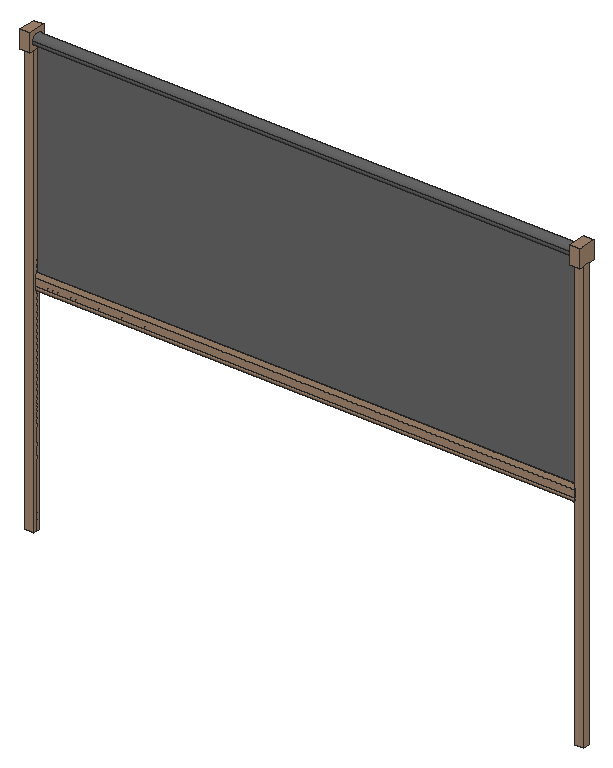
Revit family "Screen_LargeOpening_ExecutiveSeries-Recessed_PhantomScreens", category Doors, host Wall, Revit 2014
Parameters (values of type "Type as Specified")
  Visual Light Transmittance = 0
  URL = "http://www.phantomscreens.com/"
  Type Comments = ""
  Track = Dark Acacia
  Thermal Resistance (R) = 0.0000 (h·ft²·°F)/BTU
  Specification = "http://www.phantomscreens.com/architects-designers/specifications-binder/"
  Solar Heat Gain Coefficient = 0
  Slide Bar Height = 0' - 3 11/16"
  Slide Bar = Dark Acacia
  Sizing Notes [instance] = if(or((Width > 25' 0"), (Height > 16' 0")), "Exceeds Maximum Size", "Standard Size")  # "Standard Size"
  Screen = Phifer TuffScreen No-See-Um – Charcoal
  Sales Information = "http://www.phantomscreens.com/support/"
  RollerRad [instance] = Roller Size / 2  # 0' - 1 1/4"
  Roller Size [instance] = if(or((Width > 20' 0"), (Height > 11' 0")), 0' 5", (if(or((Width > 10' 0"), (Height > 8' 0")), 0' 4", 0' 2 1/2")))  # 0' - 2 1/2"
  Revision = "R1_08-2016"
  Recessed Track Width = 0' - 2 7/64"
  Recessed Track = 0' - 1 3/8"
  Product Properties = "http://www.phantomscreens.com/drive/uploads/2015/05/technical_specs_exec.pdf"
  Product Data = "http://www.arcat.com/arcatcos/cos9540/arc40535.html"
  Percent Open [instance] = 50
  Model = "Executive  Series Recessed"
  Manufacturer Website = "http://www.phantomscreens.com/"
  Manufacturer Phone - Toll Free = ""
  Manufacturer Phone = "604-855-3654"
  Manufacturer Fax = "604-855-7834"
  Manufacturer Address = "30451 Simpson Rd.; Abbotsford; BC; Canada V2T 6C7"
  Manufacturer = "Phantom Screens"
  Keynote = "08 11 00"
  Installation-Fabrication = "http://www.phantomscreens.com/architects-designers/options/"
  Housing Size [instance] = if(or((Width > 20' 0"), (Height > 11' 0")), 0' 7 1/8", (if(or((Width > 10' 0"), (Height > 8' 0")), 0' 5 1/2", 0' 4")))  # 0' - 4"
  Heat Transfer Coefficient (U) = 0.1000 BTU/(h·ft²·°F)
  Function = Interior
  Frame Projection Ext. = 0' - 1"
  Frame Projection Int. = 0' - 1"
  Frame Width = 0' - 3"
  Height [instance] = 8' - 0"
  Wall Closure = By host
  Width [instance] = 10' - 0"
  Drawn By = "Sumex Design - Robert S Weygant"
  Description = "Phantom Screens Executive  Series Recessed Screen"
  Copyright = "� 2016 ARCAT Inc."
  Construction Details = "http://www.arcat.com/details/phantoms/95prod3444.html"
  Assembly Code = "B2020400"
  Analytic Construction = "<None>"
  Amount Open [instance] = Height * (Percent Open / 100)  # 4' - 0"
Reference planes (in)
  plane 1 "Center (Front/Back)": y = 0
  plane 2 "Center (Left/Right)": x = 0
  plane 3 "Left": x = -60
  plane 4 "Right": x = 60
  plane 5 "Top": z = 96
  plane 6 "Exterior": y = 4
  plane 7 "Interior": y = -4
  plane 8: x = -62.10938
  plane 9: x = 62.10937
  plane 10: y = 0.51562
  plane 11: y = -0.51562
  plane 12: z = 51.6875
  plane 13: z = 48
  plane 14: y = 0.6875
  plane 15: y = -0.6875
  plane 16: z = 100
  plane 17: y = 0.26562
  plane 18: y = -0.25
  plane 19: y = 2
  plane 20: y = -2
  plane 21: y = 0.04687
  plane 22: y = -0.04687
  plane 23: z = 98
Forms (in)
  Extrusion 1, void
    sketch origin (0, 0, 0) x (1, 0, 0) y (0, 1, 0)
      loop
        line (60, 0.6875) -> (60, -0.6875) -> (62.10937, -0.6875) -> (62.10937, 0.6875) -> (60, 0.6875)
    from 0 to 96
  Extrusion 2, void
    sketch origin (0, 0, 0) x (1, 0, 0) y (0, 1, 0)
      loop
        line (-62.10938, 0.6875) -> (-62.10938, -0.6875) -> (-60, -0.6875) -> (-60, 0.6875) -> (-62.10938, 0.6875)
    from 0 to 96
  Extrusion 3, void
    sketch origin (0, 0, 0) x (0, 1, 0) y (0, 0, 1)
      loop
        line (2, 100) -> (-2, 100) -> (-2, 96) -> (2, 96) -> (2, 100)
    from -62.10937 to 62.10937
  Extrusion 4, solid, material "Dark Acacia" <- "Track"
    sketch origin (0, 0, 0) x (1, 0, 0) y (0, 1, 0)
      loop
        line (-62.10938, 0.6875) -> (-62.10938, -0.6875) -> (-60, -0.6875) -> (-60, -0.04687) -> (-60.25, -0.04687) -> (-60.25, 0.04687) -> (-60, 0.04687) -> (-60, 0.6875) -> (-62.10938, 0.6875)
    from 0 to 96
  Extrusion 5, solid, material "Dark Acacia" <- "Track"
    sketch origin (0, 0, 0) x (1, 0, 0) y (0, 1, 0)
      loop
        line (60, 0.6875) -> (60, 0.04687) -> (60.25, 0.04687) -> (60.25, -0.04687) -> (60, -0.04687) -> (60, -0.6875) -> (62.10937, -0.6875) -> (62.10937, 0.6875) -> (60, 0.6875)
    from 0 to 96
  Extrusion 6, solid, material "Dark Acacia" <- "Track"
    sketch origin (0, 0, 0) x (1, 0, 0) y (0, 1, 0)
      loop
        line (-62.10938, 2) -> (-62.10938, -2) -> (-60, -2) -> (-60, 2) -> (-62.10938, 2)
    from 96 to 100
  Extrusion 7, solid, material "Dark Acacia" <- "Track"
    sketch origin (0, 0, 0) x (1, 0, 0) y (0, 1, 0)
      loop
        line (60, 2) -> (60, -2) -> (62.10937, -2) -> (62.10937, 2) -> (60, 2)
    from 96 to 100
  Extrusion 8, solid, material "Phifer TuffScreen No-See-Um – Charcoal" <- "Screen"
    sketch origin (0, 0, 0) x (0, 1, 0) y (0, 0, 1)
      loop
        circle (0, 98) r 1.25
    from -60 to 60
  Extrusion 9, solid, material "Phifer TuffScreen No-See-Um – Charcoal" <- "Screen"
    sketch origin (0, 0, 0) x (0, 1, 0) y (0, 0, 1)
      loop
        line (0.04687, 98) -> (-0.04688, 98) -> (-0.04688, 51.6875) -> (0.04687, 51.6875) -> (0.04687, 98)
    from -60 to 60
  Extrusion 10, void
    sketch origin (0, 0, 0) x (1, 0, 0) y (0, 0, 1)
      loop
        line (-60, 0) -> (60, 0) -> (60, 96) -> (-60, 96) -> (-60, 0)
    from -4 to 4
  Extrusion 11, solid, material "Dark Acacia" <- "Slide Bar"
    sketch origin (0, 0, 0) x (0, 1, 0) y (0, 0, 1)
      loop
        line (0.51562, 50.6372) -> (0.26563, 51.6875) -> (-0.25, 51.6875) -> (-0.51562, 50.6372) -> (-0.51562, 48.99605) -> (-0.25086, 48.99605)
        arc (-0.25086, 48.99605) -> (0, 48.01748) -> (0.25086, 48.99605) r 0.52144
        line (0.25086, 48.99605) -> (0.51562, 48.99605) -> (0.51562, 50.6372)
    from -60 to 60
Cuts and joins
  Extrusion 10 cuts Extrusion 4
  Extrusion 10 cuts Extrusion 5
Lines and regions (in)
  symbolic lines, style "Elevation Swing"
    curve 1: line (-60, 0, 96) -> (0, 0, 0)
    curve 2: line (0, 0, 0) -> (60, 0, 96)
Text (in)
  text "Exterior" at (-74.96733, 27.31104, 0), in view "Ref. Level"
  text "Interior" at (-74.96733, -25.14366, 0), in view "Ref. Level"
  text "Exterior" at (0, 40.15149, 123.01588), in view "Right"
  text "Interior" at (0, -64.39139, 123.01588), in view "Right"
  text "Interior" at (0, -31.01599, 123.00693), in view "Left"
  text "Exterior" at (0, 54.57065, 123.00693), in view "Left"
Dimensions and locks (in)
  equal spacing: plane 3 "Left", plane 2 "Center (Left/Right)", plane 4 "Right"
  "Height": level to plane 5 "Top"
  "Width": plane 3 "Left" to plane 4 "Right"
  host wall to plane 5 "Top" = 8' - 0"
  "Slide Bar Height": plane 13 to plane 12
  equal spacing: plane 15, host wall, plane 14
  "Recessed Track": plane 15 to plane 14
  "Housing Size": plane 5 "Top" to plane 16
  "Recessed Track Width": plane 8 to plane 3 "Left"
  "Recessed Track Width": plane 4 "Right" to plane 9
  equal spacing: plane 19, plane 1 "Center (Front/Back)", plane 20
  "Housing Size": plane 19 to plane 20
  locked: plane 4 "Right" to Extrusion 5 sketch curve at 0.25
  locked: Extrusion 4 sketch curve to plane 3 "Left" at 0.25
  equal spacing: plane 16, plane 23, plane 5 "Top"
  locked: plane 12 to Extrusion 11 sketch curve at 2.69145  (x2)
  locked: plane 12 to Extrusion 11 sketch curve at 3.14859
  "Amount Open": level to plane 13
  "RollerRad": radius of Extrusion 8 sketch curve
  aligned and locked: plane 6 "Exterior" to host wall
  aligned and locked: plane 7 "Interior" to host wall
  aligned and locked: Extrusion 1 sketch curve to plane 14
  aligned and locked: Extrusion 1 sketch curve to plane 4 "Right"
  aligned and locked: Extrusion 1 sketch curve to plane 15
  aligned and locked: Extrusion 1 sketch curve to plane 9
  aligned and locked: Extrusion 1 to plane 5 "Top"
  aligned and locked: Extrusion 2 sketch curve to plane 14
  aligned and locked: Extrusion 2 sketch curve to plane 8
  aligned and locked: Extrusion 2 sketch curve to plane 15
  aligned and locked: plane 3 "Left" to Extrusion 2 sketch curve
  aligned and locked: Extrusion 2 to plane 5 "Top"
  aligned and locked: plane 16 to Extrusion 3 sketch curve
  aligned and locked: plane 19 to Extrusion 3 sketch curve
  aligned and locked: plane 5 "Top" to Extrusion 3 sketch curve
  aligned and locked: plane 20 to Extrusion 3 sketch curve
  aligned and locked: plane 9 to Extrusion 3
  aligned and locked: plane 8 to Extrusion 3
  aligned and locked: plane 5 "Top" to Extrusion 3
  aligned and locked: plane 16 to Extrusion 3  (x2)
  aligned and locked: Extrusion 4 sketch curve to Extrusion 2  (x4)
  aligned and locked: Extrusion 5 sketch curve to Extrusion 1  (x4)
  aligned and locked: Extrusion 6 sketch curve to Extrusion 3  (x3)
  aligned and locked: plane 3 "Left" to Extrusion 6 sketch curve
  aligned and locked: Extrusion 7 sketch curve to Extrusion 3  (x3)
  aligned and locked: Extrusion 7 sketch curve to plane 4 "Right"
  aligned and locked: plane 16 to Extrusion 7
  aligned and locked: plane 5 "Top" to Extrusion 7
  aligned and locked: plane 16 to Extrusion 6
  aligned and locked: plane 5 "Top" to Extrusion 6
  aligned and locked: plane 23 to Extrusion 9 sketch curve
  aligned and locked: Extrusion 9 sketch curve to plane 21
  aligned and locked: Extrusion 9 sketch curve to plane 12
  aligned and locked: Extrusion 9 sketch curve to plane 22
  aligned and locked: Extrusion 9 to plane 4 "Right"
  aligned and locked: plane 3 "Left" to Extrusion 9
  aligned and locked: plane 4 "Right" to Extrusion 1
  aligned and locked: Extrusion 4 to plane 3 "Left"  (x2)
  aligned and locked: Extrusion 1 to plane 4 "Right"
  aligned and locked: Extrusion 2 to plane 3 "Left"
  aligned and locked: Extrusion 9 to plane 3 "Left"
  aligned and locked: plane 4 "Right" to Extrusion 5
  aligned and locked: plane 4 "Right" to Extrusion 9
  aligned and locked: Extrusion 10 sketch curve to plane 4 "Right"
  aligned and locked: Extrusion 10 sketch curve to plane 5 "Top"
  aligned and locked: plane 3 "Left" to Extrusion 10 sketch curve
  aligned and locked: Extrusion 10 sketch curve to level
  aligned and locked: plane 23 to Extrusion 8 sketch curve
  aligned and locked: host wall to Extrusion 8 sketch curve
  aligned and locked: Extrusion 8 to plane 4 "Right"
  aligned and locked: plane 3 "Left" to Extrusion 8
  aligned and locked: Extrusion 4 to plane 5 "Top"
  aligned and locked: Extrusion 5 to plane 5 "Top"
  aligned and locked: plane 21 to Extrusion 5 sketch curve
  aligned and locked: plane 22 to Extrusion 5 sketch curve
  aligned and locked: Extrusion 4 sketch curve to plane 21
  aligned and locked: Extrusion 4 sketch curve to plane 22
  aligned and locked: plane 3 "Left" to Extrusion 4 sketch curve
  aligned and locked: plane 12 to Extrusion 11 sketch curve
  aligned and locked: Extrusion 11 sketch curve to plane 11
  aligned and locked: Extrusion 11 sketch curve to plane 10
  aligned and locked: host wall to Extrusion 10  (x2)
  aligned and locked: plane 3 "Left" to Extrusion 11
  aligned and locked: Extrusion 11 to plane 4 "Right"
Automatic sketch dimensions
  Extrusion 5 sketch curve to plane 4 "Right" = 0' - 0"
  Extrusion 11 sketch curve to plane 18 = 0' - 0"
  Extrusion 11 sketch curve to host wall = 0' - 0"
  Extrusion 11 sketch curve to plane 17 = 0' - 0"
  Extrusion 11 sketch curve to plane 18 = 0' - 0.00086"
  Extrusion 11 sketch curve to Extrusion 11 sketch curve = 0' - 0"
  Extrusion 11 sketch curve to plane 12 = 0' - 1.0503"
  curve 2 to plane 5 "Top" = 0' - 0"
  curve 1 to plane 5 "Top" = 0' - 0"
  plane 3 "Left" to curve 1 = 0' - 0"
  curve 2 to level = 0' - 0"
  curve 2 to plane 2 "Center (Left/Right)" = 0' - 0"
  plane 4 "Right" to curve 2 = 0' - 0"
